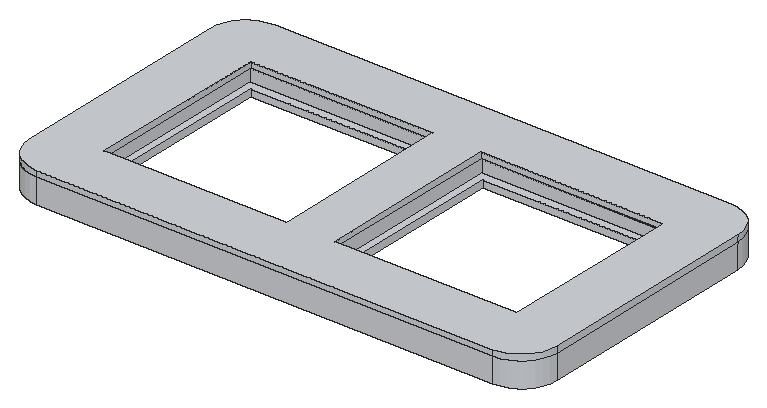
Revit family "Gira_0212423", category Electrical Fixtures, host Face, Revit 2017
Family settings
  Host = Face
  Maintain Annotation Orientation = No
  Round Connector Dimension = Use Diameter
  Part Type = Normal
  Cut with Voids When Loaded = No
  Shared = No
  Room Calculation Point = No
Parameters (values of type "Abdeckrahmen 2f Gira E3 Dklgrau/Anthrazit")
  Werkstoffgüte = "sonstige"
  Werkstoff = "sonstige"
  URL = "http://katalog.gira.de/de_DE/datenblatt.html?artikelnr=0212423"
  Transparent = "No"
  Textfeld/Beschriftungsfläche = "No"
  Schutzart (IP) = "IP20"
  Region = "DE"
  Oberfläche = "sonstige"
  Name = "Abdeckrahmen 2f Gira E3 Dklgrau/Anthrazit"
  Montagerichtung = "horizontal und vertikal"
  Mit Montagerahmen = "No"
  Mit Klappdeckel = "No"
  Manufacturer URL = "https://www.gira.de/"
  Keynote = "E3_Rahmen_2fach"
  HeinzeBIM = "https://bimportal.heinze.de/bim/abdeckrahmen-2f-gira-e3-dklgrau-anthrazit/78baf30d5dcf1702ffcacdf4a3ad53066a54cc20"
  Halogenfrei = "No"
  HAN = "0212423"
  Geeignet für Unterputz-Installation = "Yes"
  Geeignet für Unterflurkanaldose = "No"
  Geeignet für Geräteeinbaukanal = "No"
  Geeignet für Einbauinstallation = "No"
  GTIN = "4010337024095"
  Farbe = "grau"
  Default Elevation = 1219.2 mm
  Data sheet (1) = "https://katalog.gira.de/de_DE/download.html?artikelnr=0212423"
  Category = "Abdeckrahmen"
  Befestigungsart = "Klemmbefestigung"
  Available = "Yes"
  Anzahl der Einheiten vertikal = "2 "
  Anzahl der Einheiten horizontal = "2 "
  Anzahl der Einheiten = "2 "
Reference planes
  plane 1 "Center (Front/Back)": y = 0
  plane 2: z = 0
  plane 3 "Center (Left/Right)": x = 0
Forms (mm)
  Extrusion 1, solid, detail levels fine
    sketch origin (0, 0, 0) x (1, 0, 0) y (0, 1, 0)
      loop
        arc (-70.35, 45.809) -> (-78.134, 42.585) -> (-81.359, 34.8) r 11.009
        line (-81.359, 34.8) -> (-81.359, -34.8)
        arc (-81.359, -34.8) -> (-78.134, -42.585) -> (-70.35, -45.809) r 11.009
        line (-70.35, -45.809) -> (70.35, -45.809)
        arc (70.35, -45.809) -> (78.135, -42.585) -> (81.359, -34.8) r 11.009
        line (81.359, -34.8) -> (81.359, 34.8)
        arc (81.359, 34.8) -> (78.135, 42.585) -> (70.35, 45.809) r 11.009
        line (70.35, 45.809) -> (-70.35, 45.809)
      loop
        line (-7.45, 28.187) -> (-63.706, 28.187) -> (-63.706, -28.187) -> (-7.45, -28.187) -> (-7.45, 28.187)
      loop
        line (7.45, 28.187) -> (7.45, -28.187) -> (63.706, -28.187) -> (63.706, 28.187) -> (7.45, 28.187)
    from 7.65 to 9.5
  Extrusion 2, solid, detail levels fine
    sketch origin (-35.75, 0, 0) x (1, 0, 0) y (0, 1, 0)
      loop
        line (25.7, 25.7) -> (-25.7, 25.7) -> (-25.7, -25.7) -> (25.7, -25.7) -> (25.7, 25.7)
      loop
        line (-28.187, -28.156) -> (28.187, -28.156) -> (28.187, 28.156) -> (-28.187, 28.156) -> (-28.187, -28.156)
    from 1.65 to 3.9
  Extrusion 3, solid, detail levels fine
    sketch origin (0, 0, 0) x (1, 0, 0) y (0, 1, 0)
      loop
        arc (-70.35, 45.809) -> (-78.134, 42.585) -> (-81.359, 34.8) r 11.009
        line (-81.359, 34.8) -> (-81.359, -34.8)
        arc (-81.359, -34.8) -> (-78.134, -42.585) -> (-70.35, -45.809) r 11.009
        line (-70.35, -45.809) -> (70.35, -45.809)
        arc (70.35, -45.809) -> (78.135, -42.585) -> (81.359, -34.8) r 11.009
        line (81.359, -34.8) -> (81.359, 34.8)
        arc (81.359, 34.8) -> (78.135, 42.585) -> (70.35, 45.809) r 11.009
        line (70.35, 45.809) -> (-70.35, 45.809)
      loop
        line (-79.393, 34.785) -> (-79.393, -34.785)
        arc (-79.393, -34.785) -> (-76.739, -41.19) -> (-70.334, -43.843) r 9.058
        line (-70.334, -43.843) -> (70.335, -43.843)
        arc (70.335, -43.843) -> (76.74, -41.19) -> (79.393, -34.785) r 9.058
        line (79.393, -34.785) -> (79.393, 34.785)
        arc (79.393, 34.785) -> (76.74, 41.19) -> (70.335, 43.843) r 9.058
        line (70.335, 43.843) -> (-70.334, 43.843)
        arc (-70.334, 43.843) -> (-76.739, 41.19) -> (-79.393, 34.785) r 9.058
    from 0 to 7.65
  Extrusion 4, solid, detail levels fine
    sketch origin (0, 0, 0) x (1, 0, 0) y (0, 1, 0)
      loop
        line (-62.956, -31.075) -> (62.956, -31.075)
        arc (62.956, -31.075) -> (65.599, -29.98) -> (66.694, -27.337) r 3.739
        line (66.694, -27.337) -> (66.694, 27.337)
        arc (66.694, 27.337) -> (65.599, 29.98) -> (62.956, 31.075) r 3.739
        line (62.956, 31.075) -> (-62.956, 31.075)
        arc (-62.956, 31.075) -> (-65.599, 29.98) -> (-66.694, 27.337) r 3.739
        line (-66.694, 27.337) -> (-66.694, -27.337)
        arc (-66.694, -27.337) -> (-65.599, -29.98) -> (-62.956, -31.075) r 3.739
      loop
        line (-65.544, 27.537) -> (-65.544, -27.537)
        arc (-65.544, -27.537) -> (-64.845, -29.226) -> (-63.156, -29.925) r 2.389
        line (-63.156, -29.925) -> (63.156, -29.925)
        arc (63.156, -29.925) -> (64.845, -29.226) -> (65.544, -27.537) r 2.389
        line (65.544, -27.537) -> (65.544, 27.537)
        arc (65.544, 27.537) -> (64.845, 29.226) -> (63.156, 29.925) r 2.389
        line (63.156, 29.925) -> (-63.156, 29.925)
        arc (-63.156, 29.925) -> (-64.845, 29.226) -> (-65.544, 27.537) r 2.389
    from 1.65 to 7.65
  Extrusion 5, solid, detail levels fine
    sketch origin (0, 0, 0) x (1, 0, 0) y (0, 1, 0)
      loop
        line (-67.617, -39.8) -> (67.617, -39.8)
        arc (67.617, -39.8) -> (73.232, -36.708) -> (75.464, -30.7) r 9.2
        line (75.464, -30.7) -> (75.464, 30.7)
        arc (75.464, 30.7) -> (72.77, 37.205) -> (66.264, 39.9) r 9.2
        line (66.264, 39.9) -> (-66.264, 39.9)
        arc (-66.264, 39.9) -> (-72.77, 37.205) -> (-75.464, 30.7) r 9.2
        line (-75.464, 30.7) -> (-75.464, -30.7)
        arc (-75.464, -30.7) -> (-73.232, -36.708) -> (-67.617, -39.8) r 9.2
      loop
        line (-66.264, -31.7) -> (66.264, -31.7)
        arc (66.264, -31.7) -> (66.972, -31.407) -> (67.264, -30.7) r 1
        line (67.264, -30.7) -> (67.264, 30.7)
        arc (67.264, 30.7) -> (66.972, 31.407) -> (66.264, 31.7) r 1
        line (66.264, 31.7) -> (-66.264, 31.7)
        arc (-66.264, 31.7) -> (-66.972, 31.407) -> (-67.264, 30.7) r 1
        line (-67.264, 30.7) -> (-67.264, -30.7)
        arc (-67.264, -30.7) -> (-66.972, -31.407) -> (-66.264, -31.7) r 1
    from 1.65 to 3.9
  Extrusion 6, solid, detail levels fine
    sketch origin (-35.75, 0, 0) x (1, 0, 0) y (0, 1, 0)
      loop
        line (-28.187, 28.156) -> (-28.187, -28.156) -> (28.187, -28.156) -> (28.187, 28.156) -> (-28.187, 28.156)
      loop
        line (-29.925, 29.925) -> (-29.925, -29.925) -> (29.925, -29.925) -> (29.925, 29.925) -> (-29.925, 29.925)
    from 1.65 to 7.65
  Extrusion 7, solid, detail levels coarse+medium
    sketch origin (0, 0, 0) x (1, 0, 0) y (0, 1, 0)
      loop
        line (-81.359, 45.809) -> (-81.359, -45.809) -> (81.359, -45.809) -> (81.359, 45.809) -> (-81.359, 45.809)
    from 0 to 9.5
  Extrusion 8, solid, detail levels fine
    sketch origin (35.75, 0, 0) x (-1, 0, 0) y (0, -1, 0)
      loop
        line (25.7, -25.7) -> (25.7, 25.7) -> (-25.7, 25.7) -> (-25.7, -25.7) -> (25.7, -25.7)
      loop
        line (-28.187, 28.156) -> (-28.187, -28.156) -> (28.187, -28.156) -> (28.187, 28.156) -> (-28.187, 28.156)
    from 1.65 to 3.9
  Extrusion 9, solid, detail levels fine
    sketch origin (35.75, 0, 0) x (-1, 0, 0) y (0, -1, 0)
      loop
        line (-28.187, -28.156) -> (28.187, -28.156) -> (28.187, 28.156) -> (-28.187, 28.156) -> (-28.187, -28.156)
      loop
        line (-29.925, -29.925) -> (29.925, -29.925) -> (29.925, 29.925) -> (-29.925, 29.925) -> (-29.925, -29.925)
    from 1.65 to 7.65
Dimensions and locks
  aligned and locked: plane 2 to host face
  aligned and locked: level to host face
